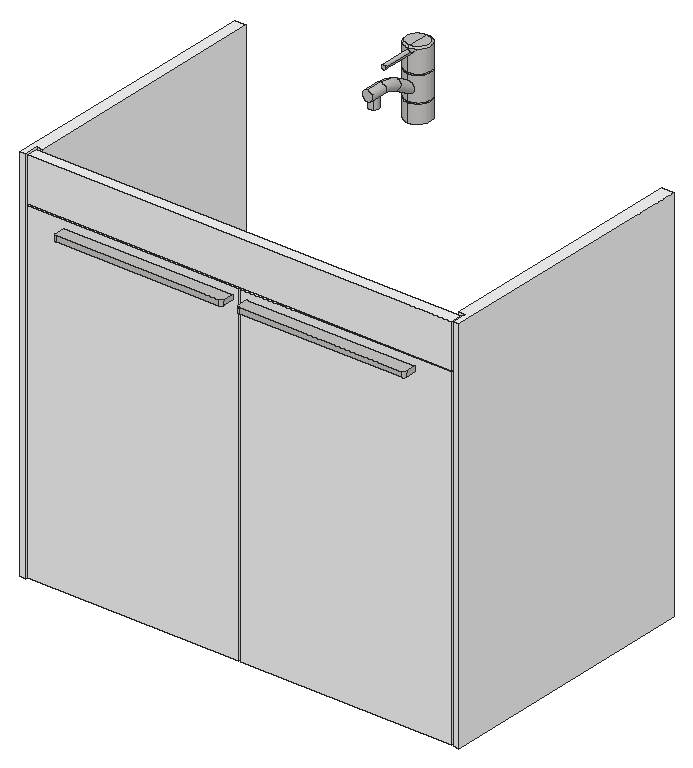
Revit family "47380 Ifö Sense Furniture packs - SDSSMP 60 Compact", category Generic Models, Revit 2015 (continued)
Automatic sketch dimensions
  Masking region 21 sketch curve to Masking region 21 sketch curve = 24.917 mm  (x2)
  Masking region 21 sketch curve to Masking region 21 sketch curve = 52.286 mm  (x2)
  Masking region 21 sketch curve to Masking region 21 sketch curve = 27.93 mm  (x2)
  Masking region 21 sketch curve to Masking region 21 sketch curve = 114.101 mm  (x2)
  Masking region 21 sketch curve to Masking region 21 sketch curve = 82.983 mm  (x2)
  Masking region 21 sketch curve to Masking region 21 sketch curve = 54.694 mm  (x2)
  Masking region 21 sketch curve to Masking region 21 sketch curve = 26.328 mm  (x2)
  Masking region 21 sketch curve to Masking region 21 sketch curve = 29.816 mm  (x2)
  Masking region 21 sketch curve to Masking region 21 sketch curve = 64.931 mm  (x2)
  Masking region 21 sketch curve to Masking region 21 sketch curve = 10.225 mm  (x2)
  Masking region 21 sketch curve to Masking region 21 sketch curve = 28.067 mm  (x2)
  Masking region 21 sketch curve to Masking region 21 sketch curve = 7.348 mm  (x2)
  Masking region 21 sketch curve to Masking region 21 sketch curve = 44.44 mm  (x2)
  Masking region 21 sketch curve to Masking region 21 sketch curve = 103.955 mm  (x2)
  Masking region 21 sketch curve to Masking region 21 sketch curve = 50.581 mm  (x2)
  Masking region 21 sketch curve to Masking region 21 sketch curve = 7.151 mm  (x2)
  Masking region 21 sketch curve to Masking region 21 sketch curve = 201.262 mm  (x2)
  Masking region 21 sketch curve to Masking region 21 sketch curve = 11.332 mm  (x2)
  Masking region 21 sketch curve to Masking region 21 sketch curve = 0.74 mm  (x2)
  Masking region 21 sketch curve to Masking region 21 sketch curve = 1.424 mm  (x2)
  Masking region 21 sketch curve to Masking region 21 sketch curve = 0.873 mm  (x2)
  Masking region 21 sketch curve to Masking region 21 sketch curve = 7.069 mm  (x2)
  Masking region 21 sketch curve to Masking region 21 sketch curve = 7.793 mm  (x2)
  Masking region 21 sketch curve to Masking region 21 sketch curve = 2.872 mm  (x2)
  Masking region 21 sketch curve to Masking region 21 sketch curve = 3.078 mm  (x2)
  Masking region 21 sketch curve to Masking region 21 sketch curve = 3.263 mm  (x2)
  Masking region 21 sketch curve to Masking region 21 sketch curve = 1.632 mm  (x2)
  Masking region 21 sketch curve to Masking region 21 sketch curve = 1.865 mm  (x2)
  Masking region 21 sketch curve to Masking region 21 sketch curve = 0.623 mm  (x2)
  Masking region 21 sketch curve to Masking region 21 sketch curve = 0.232 mm  (x2)
  Masking region 21 sketch curve to Masking region 21 sketch curve = 2.091 mm  (x2)
  Masking region 21 sketch curve to Masking region 21 sketch curve = 1.593 mm  (x2)
  Masking region 21 sketch curve to Masking region 21 sketch curve = 3.19 mm  (x2)
  Masking region 21 sketch curve to Masking region 21 sketch curve = 1.974 mm  (x2)
  Masking region 21 sketch curve to Masking region 21 sketch curve = 1.99 mm  (x2)
  Masking region 21 sketch curve to Masking region 21 sketch curve = 0.344 mm  (x2)
  Masking region 21 sketch curve to Masking region 21 sketch curve = 0.783 mm  (x2)
  Masking region 21 sketch curve to Masking region 21 sketch curve = 26.868 mm  (x2)
  Masking region 21 sketch curve to Masking region 21 sketch curve = 0.891 mm  (x2)
  Masking region 21 sketch curve to Masking region 21 sketch curve = 161.706 mm  (x2)
  Masking region 21 sketch curve to Masking region 21 sketch curve = 1.273 mm  (x2)
  Masking region 21 sketch curve to Masking region 21 sketch curve = 1.596 mm  (x2)
  Masking region 21 sketch curve to Masking region 21 sketch curve = 1.694 mm  (x2)
  Masking region 21 sketch curve to Masking region 21 sketch curve = 0.16 mm  (x2)
  Masking region 21 sketch curve to Masking region 21 sketch curve = 1.187 mm  (x2)
  Masking region 21 sketch curve to Masking region 21 sketch curve = 1.241 mm  (x2)
  Masking region 21 sketch curve to Masking region 21 sketch curve = 1.425 mm  (x2)
  Masking region 21 sketch curve to Masking region 21 sketch curve = 0.147 mm  (x2)
  Masking region 21 sketch curve to Masking region 21 sketch curve = 0.468 mm  (x2)
  Masking region 21 sketch curve to Masking region 21 sketch curve = 0.282 mm  (x2)
  Masking region 21 sketch curve to Masking region 21 sketch curve = 0.074 mm  (x2)
  Masking region 21 sketch curve to Masking region 21 sketch curve = 1.301 mm  (x2)
  Masking region 21 sketch curve to Masking region 21 sketch curve = 11.637 mm  (x2)
  Masking region 21 sketch curve to Masking region 21 sketch curve = 0.844 mm  (x2)
  Masking region 21 sketch curve to Masking region 21 sketch curve = 7.369 mm  (x2)
  Masking region 21 sketch curve to Masking region 21 sketch curve = 1.64 mm  (x2)
  Masking region 21 sketch curve to Masking region 21 sketch curve = 26.017 mm  (x2)
  Masking region 21 sketch curve to Masking region 21 sketch curve = 15.665 mm  (x2)
  Masking region 21 sketch curve to Masking region 21 sketch curve = 120.203 mm  (x2)
  Masking region 21 sketch curve to Masking region 21 sketch curve = 12.003 mm
  Masking region 21 sketch curve to Masking region 21 sketch curve = 176.118 mm  (x2)
  Masking region 21 sketch curve to Masking region 21 sketch curve = 9.296 mm  (x2)
  Masking region 21 sketch curve to Masking region 21 sketch curve = 302.576 mm  (x2)
  Masking region 21 sketch curve to Masking region 21 sketch curve = 4.13 mm  (x2)
  Masking region 21 sketch curve to Masking region 21 sketch curve = 175.472 mm  (x2)
  Masking region 21 sketch curve to Masking region 21 sketch curve = 41.038 mm  (x3)
  Masking region 21 sketch curve to Masking region 21 sketch curve = 440.361 mm
  Masking region 21 sketch curve to Masking region 21 sketch curve = 37.778 mm  (x2)
  Masking region 21 sketch curve to Masking region 21 sketch curve = 164.668 mm
  Masking region 21 sketch curve to Masking region 21 sketch curve = 161.655 mm  (x2)
  Masking region 21 sketch curve to Masking region 21 sketch curve = 72.874 mm  (x2)
  Masking region 21 sketch curve to Masking region 21 sketch curve = 116.632 mm  (x2)
  Masking region 21 sketch curve to Masking region 21 sketch curve = 49.479 mm  (x2)
  Masking region 21 sketch curve to Masking region 21 sketch curve = 21.429 mm  (x2)
  Masking region 21 sketch curve to Masking region 21 sketch curve = 4.469 mm  (x2)
  Masking region 21 sketch curve to Masking region 21 sketch curve = 25.712 mm  (x2)
  Masking region 21 sketch curve to Masking region 21 sketch curve = 11.396 mm  (x2)
  Masking region 21 sketch curve to Masking region 21 sketch curve = 2.41 mm  (x2)
  Masking region 21 sketch curve to Masking region 21 sketch curve = 3.014 mm  (x2)
  Masking region 21 sketch curve to Masking region 21 sketch curve = 1.882 mm  (x2)
  Masking region 21 sketch curve to Masking region 21 sketch curve = 0.991 mm  (x2)
  Masking region 21 sketch curve to Masking region 21 sketch curve = 4.531 mm  (x2)
  Masking region 21 sketch curve to Masking region 21 sketch curve = 1.136 mm  (x2)
  Masking region 21 sketch curve to Masking region 21 sketch curve = 1.931 mm  (x2)
  Masking region 21 sketch curve to Masking region 21 sketch curve = 3.234 mm  (x2)
  Masking region 21 sketch curve to Masking region 21 sketch curve = 2.095 mm  (x2)
  Masking region 21 sketch curve to Masking region 21 sketch curve = 0.584 mm  (x2)
  Masking region 21 sketch curve to Masking region 21 sketch curve = 0.106 mm  (x2)
  Masking region 21 sketch curve to Masking region 21 sketch curve = 0.079 mm  (x2)
  Masking region 21 sketch curve to Masking region 21 sketch curve = 0.354 mm  (x2)
  Masking region 21 sketch curve to Masking region 21 sketch curve = 0.155 mm  (x2)
  Masking region 21 sketch curve to Masking region 21 sketch curve = 0.706 mm  (x2)
  Masking region 21 sketch curve to Masking region 21 sketch curve = 0.014 mm  (x2)
  Masking region 21 sketch curve to Masking region 21 sketch curve = 1.079 mm  (x2)
  Masking region 21 sketch curve to Masking region 21 sketch curve = 0.482 mm  (x2)
  Masking region 21 sketch curve to Masking region 21 sketch curve = 1.418 mm  (x2)
  Masking region 21 sketch curve to Masking region 21 sketch curve = 5.736 mm  (x2)
  Masking region 21 sketch curve to Masking region 21 sketch curve = 1.822 mm  (x2)
  Masking region 21 sketch curve to Masking region 21 sketch curve = 45.205 mm  (x2)
  Masking region 21 sketch curve to Masking region 21 sketch curve = 63.813 mm
  Masking region 21 sketch curve to Masking region 21 sketch curve = 10.562 mm  (x2)
  Masking region 21 sketch curve to Masking region 21 sketch curve = 44.695 mm  (x2)
  Masking region 21 sketch curve to Masking region 21 sketch curve = 15.713 mm  (x2)
  Masking region 21 sketch curve to Masking region 21 sketch curve = 10.793 mm  (x2)
  Masking region 21 sketch curve to Masking region 21 sketch curve = 157.151 mm
  Masking region 21 sketch curve to Masking region 21 sketch curve = 37.312 mm  (x2)
  Masking region 21 sketch curve to Masking region 21 sketch curve = 55.334 mm  (x2)
  Masking region 21 sketch curve to Masking region 21 sketch curve = 223.933 mm  (x2)
  Masking region 21 sketch curve to Masking region 21 sketch curve = 214.619 mm
  Masking region 21 sketch curve to Masking region 21 sketch curve = 218.997 mm  (x2)
  Masking region 21 sketch curve to Masking region 21 sketch curve = 30.80 mm  (x2)
  Masking region 21 sketch curve to Masking region 21 sketch curve = 53.269 mm  (x2)
  Masking region 21 sketch curve to Masking region 21 sketch curve = 382.982 mm
  Masking region 21 sketch curve to Masking region 21 sketch curve = 117.159 mm  (x2)
  Masking region 21 sketch curve to Masking region 21 sketch curve = 194.692 mm
  Masking region 21 sketch curve to Masking region 21 sketch curve = 88.299 mm  (x2)
  Masking region 21 sketch curve to Masking region 21 sketch curve = 8.158 mm  (x2)
  Masking region 21 sketch curve to Masking region 21 sketch curve = 993.129 mm
  Masking region 21 sketch curve to Masking region 21 sketch curve = 3.435 mm  (x2)
  Masking region 21 sketch curve to Masking region 21 sketch curve = 4.929 mm  (x2)
  Masking region 21 sketch curve to Masking region 21 sketch curve = 0.855 mm  (x2)
  Masking region 21 sketch curve to Masking region 21 sketch curve = 5.256 mm  (x2)
  Masking region 21 sketch curve to Masking region 21 sketch curve = 1.154 mm  (x2)
  Masking region 21 sketch curve to Masking region 21 sketch curve = 1.458 mm  (x2)
  Masking region 21 sketch curve to Masking region 21 sketch curve = 0.771 mm  (x2)
  Masking region 21 sketch curve to Masking region 21 sketch curve = 1.041 mm  (x2)
  Masking region 21 sketch curve to Masking region 21 sketch curve = 1.093 mm  (x2)
  Masking region 21 sketch curve to Masking region 21 sketch curve = 1.046 mm  (x2)
  Masking region 21 sketch curve to Masking region 21 sketch curve = 0.915 mm  (x2)
  Masking region 21 sketch curve to Masking region 21 sketch curve = 0.521 mm  (x2)
  Masking region 21 sketch curve to Masking region 21 sketch curve = 0.215 mm  (x2)
  Masking region 22 sketch curve to Masking region 22 sketch curve = 1.865 mm  (x2)
  Masking region 22 sketch curve to Masking region 22 sketch curve = 0.135 mm  (x2)
  Masking region 22 sketch curve to Masking region 22 sketch curve = 0.00 mm  (x5)
  Masking region 22 sketch curve to Masking region 22 sketch curve = 3.128 mm  (x2)
  Masking region 22 sketch curve to Masking region 22 sketch curve = 6.00 mm
  Masking region 22 sketch curve to Masking region 22 sketch curve = 283.00 mm  (x2)
  Masking region 22 sketch curve to Masking region 22 sketch curve = 4.03 mm
  Masking region 22 sketch curve to Masking region 22 sketch curve = 1.00 mm  (x2)
  Masking region 22 sketch curve to Masking region 22 sketch curve = 15.546 mm  (x2)
  Masking region 23 sketch curve to Masking region 23 sketch curve = 8.00 mm
  Masking region 24 sketch curve to Masking region 24 sketch curve = 8.00 mm
  Masking region 25 sketch curve to Masking region 25 sketch curve = 289.00 mm
  Masking region 20 sketch curve to Masking region 20 sketch curve = 13.385 mm
  Masking region 20 sketch curve to Masking region 20 sketch curve = 2.937 mm
  Masking region 20 sketch curve to Masking region 20 sketch curve = 17.125 mm
  Masking region 20 sketch curve to Masking region 20 sketch curve = 29.707 mm
  Masking region 20 sketch curve to Masking region 20 sketch curve = 0.49 mm
  Masking region 21 sketch curve to Masking region 21 sketch curve = 2.926 mm
  Masking region 21 sketch curve to Masking region 21 sketch curve = 7.776 mm
  Masking region 21 sketch curve to Masking region 21 sketch curve = 22.934 mm
  Masking region 21 sketch curve to Masking region 21 sketch curve = 47.246 mm
  Masking region 21 sketch curve to Masking region 21 sketch curve = 21.351 mm
  Masking region 21 sketch curve to Masking region 21 sketch curve = 109.041 mm
  Masking region 21 sketch curve to Masking region 21 sketch curve = 24.988 mm
  Masking region 21 sketch curve to Masking region 21 sketch curve = 192.121 mm
  Masking region 21 sketch curve to Masking region 21 sketch curve = 50.565 mm  (x2)
  Masking region 21 sketch curve to Masking region 21 sketch curve = 19.785 mm
  Masking region 21 sketch curve to Masking region 21 sketch curve = 22.062 mm  (x2)
  Masking region 21 sketch curve to Masking region 21 sketch curve = 8.284 mm  (x2)
  Masking region 21 sketch curve to Masking region 21 sketch curve = 151.248 mm  (x2)
  Masking region 21 sketch curve to Masking region 21 sketch curve = 8.852 mm  (x2)
  Masking region 21 sketch curve to Masking region 21 sketch curve = 146.888 mm
  Masking region 21 sketch curve to Masking region 21 sketch curve = 0.76 mm
  Masking region 21 sketch curve to Masking region 21 sketch curve = 13.038 mm
  Masking region 21 sketch curve to Masking region 21 sketch curve = 48.617 mm
  Masking region 21 sketch curve to Masking region 21 sketch curve = 8.563 mm
  Masking region 21 sketch curve to Masking region 21 sketch curve = 2.937 mm
  Masking region 21 sketch curve to Masking region 21 sketch curve = 17.125 mm
  Masking region 21 sketch curve to Masking region 21 sketch curve = 35.171 mm
  Masking region 21 sketch curve to Masking region 21 sketch curve = 36.69 mm
  Masking region 21 sketch curve to Masking region 21 sketch curve = 43.272 mm
  Masking region 21 sketch curve to Masking region 21 sketch curve = 45.203 mm
  Masking region 21 sketch curve to Masking region 21 sketch curve = 65.402 mm
  Masking region 21 sketch curve to Masking region 21 sketch curve = 68.592 mm
  Masking region 21 sketch curve to Masking region 21 sketch curve = 83.603 mm
  Masking region 21 sketch curve to Masking region 21 sketch curve = 87.05 mm
  Masking region 21 sketch curve to Masking region 21 sketch curve = 114.68 mm
  Masking region 21 sketch curve to Masking region 21 sketch curve = 165.834 mm
  Masking region 21 sketch curve to Masking region 21 sketch curve = 171.006 mm
  Masking region 21 sketch curve to Masking region 21 sketch curve = 21.506 mm
  Masking region 21 sketch curve to Masking region 21 sketch curve = 20.985 mm  (x2)
  Masking region 21 sketch curve to Masking region 21 sketch curve = 57.554 mm
  Masking region 21 sketch curve to Masking region 21 sketch curve = 10.131 mm  (x2)
  Masking region 21 sketch curve to Masking region 21 sketch curve = 78.991 mm  (x2)
  Masking region 21 sketch curve to Masking region 21 sketch curve = 48.586 mm  (x2)
  Masking region 21 sketch curve to Masking region 21 sketch curve = 38.112 mm  (x2)
  Masking region 21 sketch curve to Masking region 21 sketch curve = 0.968 mm  (x2)
  Masking region 21 sketch curve to Masking region 21 sketch curve = 212.052 mm
  Masking region 21 sketch curve to Masking region 21 sketch curve = 5.791 mm  (x2)
  Masking region 21 sketch curve to Masking region 21 sketch curve = 0.663 mm
  Masking region 21 sketch curve to Masking region 21 sketch curve = 0.26 mm  (x2)
  Masking region 21 sketch curve to Masking region 21 sketch curve = 2.253 mm  (x2)
  Masking region 21 sketch curve to Masking region 21 sketch curve = 2.006 mm  (x2)
  Masking region 21 sketch curve to Masking region 21 sketch curve = 15.613 mm
  Masking region 21 sketch curve to Masking region 21 sketch curve = 3.242 mm  (x2)
  Masking region 21 sketch curve to Masking region 21 sketch curve = 2.418 mm  (x2)
  Masking region 21 sketch curve to Masking region 21 sketch curve = 0.257 mm
  Masking region 21 sketch curve to Masking region 21 sketch curve = 0.11 mm
  Masking region 21 sketch curve to Masking region 21 sketch curve = 0.833 mm  (x2)
  Masking region 21 sketch curve to Masking region 21 sketch curve = 5.58 mm
  Masking region 21 sketch curve to Masking region 21 sketch curve = 7.028 mm  (x2)
  Masking region 21 sketch curve to Masking region 21 sketch curve = 12.38 mm  (x2)
  Masking region 21 sketch curve to Masking region 21 sketch curve = 11.035 mm  (x2)
  Masking region 21 sketch curve to Masking region 21 sketch curve = 13.667 mm  (x2)
  Masking region 21 sketch curve to Masking region 21 sketch curve = 6.131 mm  (x2)
  Masking region 21 sketch curve to Masking region 21 sketch curve = 10.195 mm  (x2)
  Masking region 21 sketch curve to Masking region 21 sketch curve = 8.192 mm  (x2)
  Masking region 21 sketch curve to Masking region 21 sketch curve = 12.76 mm
  Masking region 21 sketch curve to Masking region 21 sketch curve = 11.305 mm
  Masking region 21 sketch curve to Masking region 21 sketch curve = 1.02 mm
  Masking region 22 sketch curve to Masking region 22 sketch curve = 2.03 mm
  Masking region 22 sketch curve to Masking region 22 sketch curve = 2.00 mm  (x2)
  Masking region 22 sketch curve to Masking region 22 sketch curve = 285.872 mm
  Masking region 22 sketch curve to Masking region 22 sketch curve = 456.00 mm
  Masking region 22 sketch curve to Masking region 22 sketch curve = 44.454 mm  (x2)
  Masking region 22 sketch curve to Masking region 22 sketch curve = 0.663 mm  (x2)
  Masking region 23 sketch curve to Masking region 23 sketch curve = 520.00 mm
  Masking region 24 sketch curve to Masking region 24 sketch curve = 520.00 mm
  Masking region 25 sketch curve to Masking region 25 sketch curve = 456.00 mm
  Masking region 26 sketch curve to Masking region 26 sketch curve = 289.00 mm
  Masking region 26 sketch curve to Masking region 26 sketch curve = 456.00 mm
  Masking region 27 sketch curve to Masking region 27 sketch curve = 580.00 mm
  Masking region 27 sketch curve to Masking region 27 sketch curve = 60.00 mm
  curve 43 to curve 44 = 0.00 mm
  curve 43 to curve 46 = 0.00 mm
  curve 44 to curve 45 = 0.00 mm
  curve 44 to curve 46 = 0.00 mm
  curve 45 to curve 46 = 0.00 mm
  plane 3 "Center (Left/Right)" to curve 92 = 70.271 mm
  curve 144 to curve 125 = 106.055 mm
  curve 137 to curve 151 = 75.765 mm
  curve 42 to curve 63 = 78.21 mm
  curve 144 to curve 127 = 2.683 mm
  curve 137 to curve 151 = 257.229 mm
  curve 119 to curve 119 = 54.652 mm
  curve 112 to curve 148 = 94.848 mm
  radius of curve 42 = 23.00 mm
  radius of Sweep 6 sketch curve = 7.00 mm
  radius of Extrusion 7 sketch curve = 3.00 mm
  radius of Extrusion 8 sketch curve = 6.014 mm
  radius of Sweep 30 sketch curve = 7.00 mm
  radius of Extrusion 31 sketch curve = 3.00 mm
  radius of Extrusion 32 sketch curve = 6.014 mm
Connectors
  piping at (-120, 0, 712.001), diameter 10, driven by "SupplyPipeDiameter"
    settings: index 1, connector inside diameter 24", connector length 0.00 mm, flow factor 0, pipe flow 0 GPM, pressure drop 0.00 psi, fitting loss kfactor 0, connector angle 0.00°, fixture units 0, engagement length 0.00 mm, angle of deflection 0.00°, flow configuration 0, flow direction 1, fitting loss method 0, system type 19, joint type 0, gender type 0, connector reference index -1, connector utility 0, adjustable connector no, is connector primary yes, connector description ""
  piping at (120, 0, 712.001), diameter 10, driven by "SupplyPipeDiameter"
    settings: index 2, connector inside diameter 24", connector length 0.00 mm, flow factor 0, pipe flow 0 GPM, pressure drop 0.00 psi, fitting loss kfactor 0, connector angle 0.00°, fixture units 0, engagement length 0.00 mm, angle of deflection 0.00°, flow configuration 0, flow direction 1, fitting loss method 0, system type 20, joint type 0, gender type 0, connector reference index -1, connector utility 0, adjustable connector no, is connector primary no, connector description ""
  piping at (0, -172.007, 712.001), diameter 32, driven by "ReturnPipeDiameter"
    settings: index 3, connector inside diameter 24", connector length 0.00 mm, flow factor 0, pipe flow 0 GPM, pressure drop 0.00 psi, fitting loss kfactor 0, connector angle 0.00°, fixture units 0, engagement length 0.00 mm, angle of deflection 0.00°, flow configuration 0, flow direction 2, fitting loss method 0, system type 16, joint type 0, gender type 0, connector reference index -1, connector utility 0, adjustable connector no, is connector primary no, connector description ""
